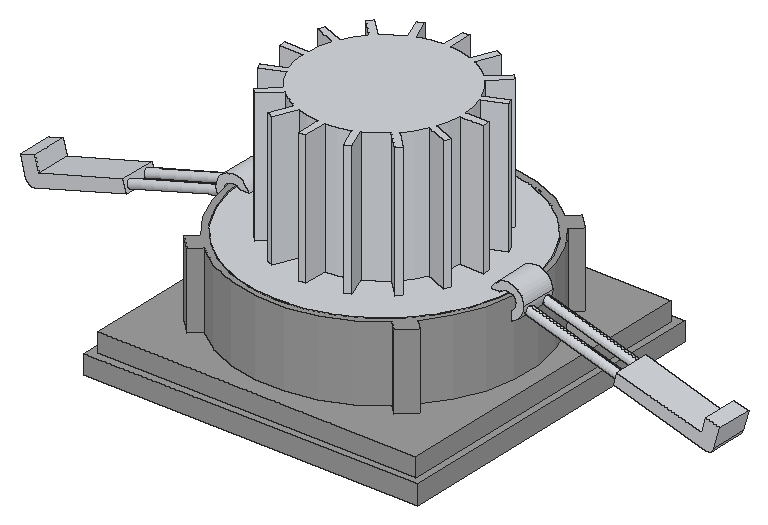
Revit family "Alcon-14144-S-DIR-Revit-Family", category Lighting Fixtures, host Ceiling, Revit 2021
Family settings
  Host = Ceiling
  Round Connector Dimension = Use Diameter
  Part Type = Normal
  Always vertical = Yes
  Cut with Voids When Loaded = No
  Light Source = Yes
  Shared = No
  Room Calculation Point = No
Parameters
  Wattage = 9.2903 W
  built-in parameter 1150110 = 1 (stored number, unit not read)
  built-in parameter 1114217 = 1 (stored number, unit not read)
  Tilt Angle = 60.00°
  built-in parameter 1150109 = 1 (stored number, unit not read)
  built-in parameter 1150134 = 3
  built-in parameter 1150113 = 1 (stored number, unit not read)
  built-in parameter 1010507 = 1.5708 (stored number, unit not read)
  built-in parameter 1010506 = 0.5236 (stored number, unit not read)
  Product Identity = "Alcon Light 14144-S-DIR"
  Metal = none
  Manufacturer = "Alcon Light"
  built-in parameter 1150105 = 4614.1 (stored number, unit not read)
  Lumens = 1380 lm
  built-in parameter 1150115 = 1 (stored number, unit not read)
  Link To Product Page = "https://www.alconlighting.com/14144-s-dir.html"
  Light Source Symbol Length = 10' - 0"
  Light Source = Light Source
  built-in parameter 1150137 = (empty or 0)
  built-in parameter 1150139 = (empty or 0)
  Lens = Glass
  built-in parameter 1150112 = 1 (stored number, unit not read)
  built-in parameter 1150114 = 1 (stored number, unit not read)
  built-in parameter 1150132 = (empty or 0)
  built-in parameter 1150102 = (empty or 0)
  built-in parameter 1150107 = 3200 (stored number, unit not read)
  built-in parameter 1150138 = (empty or 0)
  built-in parameter 1150106 = 46.141 (stored number, unit not read)
  Housing = Default
  Engine = none
  built-in parameter 1150104 = 13.8 (stored number, unit not read)
  Dimming Lamp Color Temperature Shift = (empty or 0)
  Default Elevation = 0' - 0"
  Color Filter = 16777215
  built-in parameter 1114218 = 1 (stored number, unit not read)
  built-in parameter 1150133 = 10 (stored number, unit not read)
Reference planes (in)
  plane 1 "Center (Front/Back)": y = 0
  plane 2 "Ceiling": z = 96
  plane 3 "Center (Left/Right)": x = 0
Forms (in)
  Extrusion 1, void
    sketch origin (0, 0, 96) x (1, 0, 0) y (0, 1, 0)
      loop
        line (-1.59375, 1.59375) -> (-1.59375, -1.59375) -> (1.59375, -1.59375) -> (1.59375, 1.59375) -> (-1.59375, 1.59375)
    from -0.2445 to 0.67578
  Extrusion 2, void
    sketch origin (0, 0, -0.28465) x (0, 1, 0) y (0, 0, 1)
      loop
        line (0.18604, 96.97362) -> (0.18604, 97.06477) -> (-0.18604, 97.06477) -> (-0.18604, 96.97362) -> (0.18604, 96.97362)
    from -1.51976 to 1.51976
  Extrusion 3, solid, material <- "Engine"
    sketch origin (0, 0, 36.23322) x (1, 0, 0) y (0, 1, 0)
      loop
        arc (-0.34282, 0.91409) -> (-0.3736, 0.90195) -> (-0.40395, 0.88877) r 0.97626
        line (-0.40395, 0.88877) -> (-0.3173, 0.67958)
        arc (-0.3173, 0.67958) -> (-0.41668, 0.6236) -> (-0.50642, 0.55321) r 0.75
        line (-0.50642, 0.55321) -> (-0.66653, 0.71332)
        arc (-0.66653, 0.71332) -> (-0.69032, 0.69032) -> (-0.71332, 0.66653) r 0.97626
        line (-0.71332, 0.66653) -> (-0.55321, 0.50642)
        arc (-0.55321, 0.50642) -> (-0.6236, 0.41668) -> (-0.67958, 0.3173) r 0.75
        line (-0.67958, 0.3173) -> (-0.88877, 0.40395)
        arc (-0.88877, 0.40395) -> (-0.90195, 0.3736) -> (-0.91409, 0.34282) r 0.97626
        line (-0.91409, 0.34282) -> (-0.70489, 0.25617)
        arc (-0.70489, 0.25617) -> (-0.73559, 0.14632) -> (-0.74927, 0.03308) r 0.75
        line (-0.74927, 0.03308) -> (-0.9757, 0.03308)
        arc (-0.9757, 0.03308) -> (-0.97626, 0) -> (-0.9757, -0.03308) r 0.97626
        line (-0.9757, -0.03308) -> (-0.74927, -0.03308)
        arc (-0.74927, -0.03308) -> (-0.73559, -0.14632) -> (-0.70489, -0.25617) r 0.75
        line (-0.70489, -0.25617) -> (-0.91409, -0.34282)
        arc (-0.91409, -0.34282) -> (-0.90195, -0.3736) -> (-0.88877, -0.40395) r 0.97626
        line (-0.88877, -0.40395) -> (-0.67958, -0.3173)
        arc (-0.67958, -0.3173) -> (-0.6236, -0.41668) -> (-0.55321, -0.50642) r 0.75
        line (-0.55321, -0.50642) -> (-0.71332, -0.66653)
        arc (-0.71332, -0.66653) -> (-0.69032, -0.69032) -> (-0.66653, -0.71332) r 0.97626
        line (-0.66653, -0.71332) -> (-0.50642, -0.55321)
        arc (-0.50642, -0.55321) -> (-0.41668, -0.6236) -> (-0.3173, -0.67958) r 0.75
        line (-0.3173, -0.67958) -> (-0.40395, -0.88877)
        arc (-0.40395, -0.88877) -> (-0.3736, -0.90195) -> (-0.34282, -0.91409) r 0.97626
        line (-0.34282, -0.91409) -> (-0.25617, -0.70489)
        arc (-0.25617, -0.70489) -> (-0.14632, -0.73559) -> (-0.03308, -0.74927) r 0.75
        line (-0.03308, -0.74927) -> (-0.03308, -0.9757)
        arc (-0.03308, -0.9757) -> (0, -0.97626) -> (0.03308, -0.9757) r 0.97626
        line (0.03308, -0.9757) -> (0.03308, -0.74927)
        arc (0.03308, -0.74927) -> (0.14632, -0.73559) -> (0.25617, -0.70489) r 0.75
        line (0.25617, -0.70489) -> (0.34282, -0.91409)
        arc (0.34282, -0.91409) -> (0.3736, -0.90195) -> (0.40395, -0.88877) r 0.97626
        line (0.40395, -0.88877) -> (0.3173, -0.67958)
        arc (0.3173, -0.67958) -> (0.41668, -0.6236) -> (0.50642, -0.55321) r 0.75
        line (0.50642, -0.55321) -> (0.66653, -0.71332)
        arc (0.66653, -0.71332) -> (0.69032, -0.69032) -> (0.71332, -0.66653) r 0.97626
        line (0.71332, -0.66653) -> (0.55321, -0.50642)
        arc (0.55321, -0.50642) -> (0.6236, -0.41668) -> (0.67958, -0.3173) r 0.75
        line (0.67958, -0.3173) -> (0.88877, -0.40395)
        arc (0.88877, -0.40395) -> (0.90195, -0.3736) -> (0.91409, -0.34282) r 0.97626
        line (0.91409, -0.34282) -> (0.70489, -0.25617)
        arc (0.70489, -0.25617) -> (0.73559, -0.14632) -> (0.74927, -0.03308) r 0.75
        line (0.74927, -0.03308) -> (0.9757, -0.03308)
        arc (0.9757, -0.03308) -> (0.97626, 0) -> (0.9757, 0.03308) r 0.97626
        line (0.9757, 0.03308) -> (0.74927, 0.03308)
        arc (0.74927, 0.03308) -> (0.73559, 0.14632) -> (0.70489, 0.25617) r 0.75
        line (0.70489, 0.25617) -> (0.91409, 0.34282)
        arc (0.91409, 0.34282) -> (0.90195, 0.3736) -> (0.88877, 0.40395) r 0.97626
        line (0.88877, 0.40395) -> (0.67958, 0.3173)
        arc (0.67958, 0.3173) -> (0.6236, 0.41668) -> (0.55321, 0.50642) r 0.75
        line (0.55321, 0.50642) -> (0.71332, 0.66653)
        arc (0.71332, 0.66653) -> (0.69032, 0.69032) -> (0.66653, 0.71332) r 0.97626
        line (0.66653, 0.71332) -> (0.50642, 0.55321)
        arc (0.50642, 0.55321) -> (0.41668, 0.6236) -> (0.3173, 0.67958) r 0.75
        line (0.3173, 0.67958) -> (0.40395, 0.88877)
        arc (0.40395, 0.88877) -> (0.3736, 0.90195) -> (0.34282, 0.91409) r 0.97626
        line (0.34282, 0.91409) -> (0.25617, 0.70489)
        arc (0.25617, 0.70489) -> (0.14632, 0.73559) -> (0.03308, 0.74927) r 0.75
        line (0.03308, 0.74927) -> (0.03308, 0.9757)
        arc (0.03308, 0.9757) -> (0, 0.97626) -> (-0.03308, 0.9757) r 0.97626
        line (-0.03308, 0.9757) -> (-0.03308, 0.74927)
        arc (-0.03308, 0.74927) -> (-0.14632, 0.73559) -> (-0.25617, 0.70489) r 0.75
        line (-0.25617, 0.70489) -> (-0.34282, 0.91409)
    from 60.66791 to 61.93461
  Extrusion 4, solid, material "Default" <- "Housing"
    sketch origin (0, 0, 96) x (1, 0, 0) y (0, 1, 0)
      loop
        arc (-0.89681, -1.03603) -> (0, -1.37026) -> (0.89681, -1.03603) r 1.37026
        line (0.89681, -1.03603) -> (0.98879, -1.128)
        arc (0.98879, -1.128) -> (1.06068, -1.06068) -> (1.128, -0.98879) r 1.50003
        line (1.128, -0.98879) -> (1.03603, -0.89681)
        arc (1.03603, -0.89681) -> (1.37026, 0) -> (1.03603, 0.89681) r 1.37026
        line (1.03603, 0.89681) -> (1.128, 0.98879)
        arc (1.128, 0.98879) -> (1.06068, 1.06068) -> (0.98879, 1.128) r 1.50003
        line (0.98879, 1.128) -> (0.89681, 1.03603)
        arc (0.89681, 1.03603) -> (0, 1.37026) -> (-0.89681, 1.03603) r 1.37026
        line (-0.89681, 1.03603) -> (-0.98879, 1.128)
        arc (-0.98879, 1.128) -> (-1.06068, 1.06068) -> (-1.128, 0.98879) r 1.50003
        line (-1.128, 0.98879) -> (-1.03603, 0.89681)
        arc (-1.03603, 0.89681) -> (-1.37026, 0) -> (-1.03603, -0.89681) r 1.37026
        line (-1.03603, -0.89681) -> (-1.128, -0.98879)
        arc (-1.128, -0.98879) -> (-1.06068, -1.06068) -> (-0.98879, -1.128) r 1.50003
        line (-0.98879, -1.128) -> (-0.89681, -1.03603)
      loop
        circle (0, 0) r 1.3128
    from 0.184 to 0.90114
  Extrusion 5, solid, material <- "Metal"
    sketch origin (-0.21039, 0, -62.41422) x (1, 0, 0) y (0, 0, 1)
      loop
        circle (-1.10049, 159.26129) r 0.16048
      loop
        circle (-1.10049, 159.26129) r 0.08524
    from -0.16797 to 0.16797
  Extrusion 6, solid, material <- "Metal"
    sketch origin (-134.01209, 0, 8.72401) x (0.54711, 0, -0.837061) y (0.837061, 0, 0.54711)
      loop
        line (-1.52969, 158.27878) -> (-1.77581, 157.47373) -> (-1.91808, 157.51723) -> (-1.95893, 157.3836) -> (-1.76507, 157.32433)
        arc (-1.76507, 157.32433) -> (-1.71422, 157.32923) -> (-1.68172, 157.36866) r 0.06675
        line (-1.68172, 157.36866) -> (-1.41427, 158.24349) -> (-1.52969, 158.27878)
    from -0.16797 to 0.16797
  Extrusion 7, solid, material <- "Metal"
    sketch origin (-2.29245, 0, 96.49605) x (-0.278479, 0, 0.960442) y (0, -1, 0)
      loop
        circle (0.05869, -0.09783) r 0.04098
      loop
        circle (0.05869, 0.10564) r 0.04098
    from -0.03586 to 0.91861
  Extrusion 8, solid, material <- "Engine"
    sketch origin (0, 0, 96) x (1, 0, 0) y (0, 1, 0)
      loop
        circle (0, 0) r 1.3128
    from 0.82596 to 0.90114
  Sweep 9, solid, material "Default" <- "Housing"
    path origin (0, 0, 96) x (1, 0, 0) y (0, 1, 0)
      loop
        line (-1.59375, 1.59375) -> (-1.59375, -1.59375) -> (1.59375, -1.59375) -> (1.59375, 1.59375) -> (-1.59375, 1.59375)
    profile origin (-1.59375, 0, 96) x (1, 0, 0) y (0, 0, 1)
      loop
        line (0.07399, 0) -> (0, 0) -> (0, -0.18338) -> (0.59375, -0.18338) -> (0.84642, 0.82596) -> (0.76978, 0.82596) -> (0.60811, 0.18016) -> (0.07399, 0.18016) -> (0.07399, 0)
  Extrusion 10, solid, material <- "Metal"
    sketch origin (0.21039, 0, -62.41422) x (-1, 0, 0) y (0, 0, -1)
      loop
        circle (-1.10049, -159.26129) r 0.16048
      loop
        circle (-1.10049, -159.26129) r 0.08524
    from -0.16797 to 0.16797
  Extrusion 11, solid, material <- "Metal"
    sketch origin (134.01209, 0, 8.72401) x (-0.54711, 0, -0.837061) y (0.837061, 0, -0.54711)
      loop
        line (-1.52969, -158.27878) -> (-1.41427, -158.24349) -> (-1.68172, -157.36866)
        arc (-1.68172, -157.36866) -> (-1.71422, -157.32923) -> (-1.76507, -157.32433) r 0.06675
        line (-1.76507, -157.32433) -> (-1.95893, -157.3836) -> (-1.91808, -157.51723) -> (-1.77581, -157.47373) -> (-1.52969, -158.27878)
    from -0.16797 to 0.16797
  Extrusion 12, solid, material <- "Metal"
    sketch origin (2.29245, 0, 96.49605) x (0.278479, 0, 0.960442) y (0, 1, 0)
      loop
        circle (0.05869, 0.09783) r 0.04098
      loop
        circle (0.05869, -0.10564) r 0.04098
    from -0.03586 to 0.91861
Cuts and joins
  Extrusion 2 cuts Extrusion 4
Dimensions and locks (in)
  equal spacing: host sketch curve, plane 3 "Center (Left/Right)", host sketch curve
  equal spacing: host sketch curve, plane 1 "Center (Front/Back)", host sketch curve
  host sketch curve to host sketch curve = 10' - 0"  (x2)
